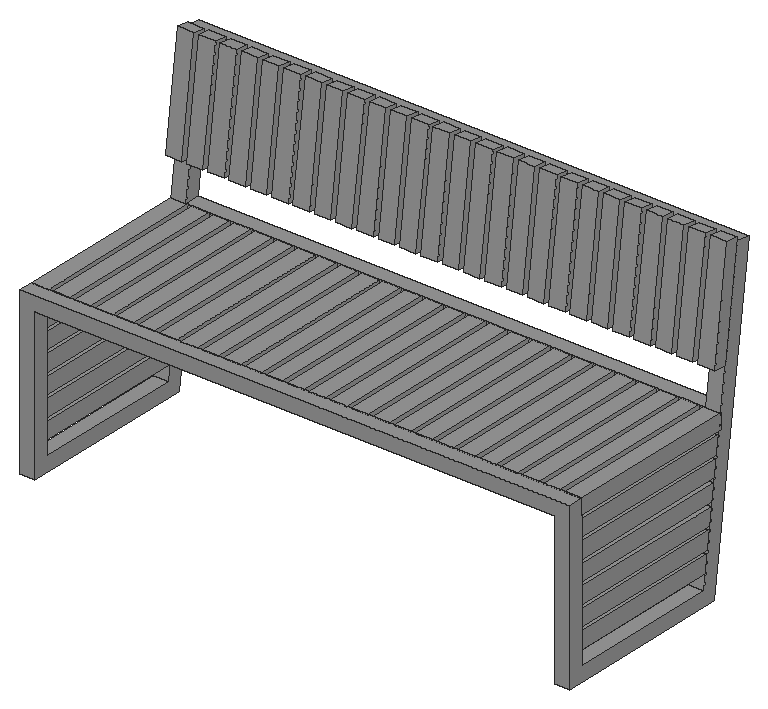
Revit family "Скамейка стальная «Вижен» Арт 15063", category Антураж, Revit 2018
Family settings
  На основе рабочей плоскости = Нет
  Всегда вертикально = Да
  При загрузке вырезать с полостями = Нет
  Источник визуального образа = Геометрия семейства
  Общий = Нет
  Точка расчета площади = Нет
Parameters (values of type "Версия 1,8 м")
  Ширина = 610 mm  # constant formula
  Цвет опор = Сталь
  Цвет лавки = Дерево
  Описание = if([Версия 1,5 м], "Скамейка стальная «Вижен». Версия 1,5 м", "Скамейка стальная «Вижен». Версия 1,8 м")  # "Скамейка стальная «Вижен». Версия 1,5 м"
  Между элементами = if([Версия 1,5 м], 13.2 mm, 13.5 mm)  # 13.2 mm
  Материал изделия = "Сталь, дерево"  # constant formula
  Кол-во элементов = if([Версия 1,5 м], 26, 31)  # 26
  Изображение типоразмера = Скамейка стальная «Вижен» Арт 15063.jpg
  Изготовитель = "ООО «Хоббика»"  # constant formula
  Длина = if([Версия 1,5 м], 1500 mm, 1800 mm)  # 1500 mm
  Группа модели = "Скамейки"  # constant formula
  Высота = 860 mm  # constant formula
  Версия 1,8 м = not([Версия 1,5 м])  # no
  Версия 1,5 м = yes
  Артикул товара = "Арт. 15063"  # constant formula
  URL = "https://hobbyka.ru/product/skameyka_vizhen/"
Types (3): name
  (no name)
  Версия 1,5 м
  Версия 1,8 м
Reference planes
  plane 1 "По центру (Вперед/Назад)": y = 0
  plane 2: z = 0
  plane 3 "По центру (Влево/Вправо)": x = 0
  plane 4: x = 1500
  plane 5: y = 610
  plane 6: z = 860
  plane 7: x = 1460
  plane 8: x = 40
Forms (mm)
  Extrusion 1, solid, material "Сталь" <- "Цвет опор"
    sketch origin (0, 0, 0) x (0, 1, 0) y (0, 0, 1)
      loop
        line (610, 842.239) -> (570.389, 847.806) -> (456.86, 40) -> (40, 40) -> (40, 450) -> (0, 450) -> (0, 0) -> (491.631, 0) -> (610, 842.239)
    from 0 to 40
  Extrusion 2, solid, material "Сталь" <- "Цвет опор"
    sketch origin (0, 0, 0) x (0, 1, 0) y (0, 0, 1)
      loop
        line (610, 842.239) -> (570.389, 847.806) -> (456.86, 40) -> (40, 40) -> (40, 450) -> (0, 450) -> (0, 0) -> (491.631, 0) -> (610, 842.239)
    from 1460 to 1500
  Extrusion 3, solid, material "Сталь" <- "Цвет опор"
    sketch origin (0, 0, 0) x (1, 0, 0) y (0, 0, 1)
      loop
        line (40, 450) -> (40, 410) -> (1460, 410) -> (1460, 450) -> (40, 450)
    from 0 to -40
  Extrusion 4, solid, material "Сталь" <- "Цвет опор"
    sketch origin (0, 0, 0) x (0, 1, 0) y (0, 0, 1)
      loop
        line (610, 842.239) -> (570.389, 847.806) -> (564.822, 808.195) -> (604.433, 802.628) -> (610, 842.239)
      loop
        line (530.725, 565.58) -> (570.336, 560.013) -> (575.903, 599.624) -> (536.292, 605.19) -> (530.725, 565.58)
      loop
        line (514.481, 450) -> (508.86, 410) -> (549.253, 410) -> (554.874, 450) -> (514.481, 450)
    from 40 to 1460
  Extrusion 5, solid, material "Дерево" <- "Цвет лавки"
    sketch origin (0, 570.389, 847.806) x (0, 0.139173, 0.990268) y (-1, 0, 0)
      loop
        line (7.301, -45) -> (7.301, 0) -> (-292.699, 0) -> (-292.699, -45) -> (7.301, -45)
    from 0 to 35
  Extrusion 6, solid, material "Дерево" <- "Цвет лавки"
    sketch origin (58.2, 570.389, 847.806) x (0, 0.139173, 0.990268) y (-1, 0, 0)
      loop
        line (7.301, -45) -> (7.301, 0) -> (-292.699, 0) -> (-292.699, -45) -> (7.301, -45)
    from 0 to 35
  Extrusion 7, solid, material "Дерево" <- "Цвет лавки"
    sketch origin (116.4, 570.389, 847.806) x (0, 0.139173, 0.990268) y (-1, 0, 0)
      loop
        line (7.301, -45) -> (7.301, 0) -> (-292.699, 0) -> (-292.699, -45) -> (7.301, -45)
    from 0 to 35
  Extrusion 8, solid, material "Дерево" <- "Цвет лавки"
    sketch origin (174.6, 570.389, 847.806) x (0, 0.139173, 0.990268) y (-1, 0, 0)
      loop
        line (7.301, -45) -> (7.301, 0) -> (-292.699, 0) -> (-292.699, -45) -> (7.301, -45)
    from 0 to 35
  Extrusion 9, solid, material "Дерево" <- "Цвет лавки"
    sketch origin (232.8, 570.389, 847.806) x (0, 0.139173, 0.990268) y (-1, 0, 0)
      loop
        line (7.301, -45) -> (7.301, 0) -> (-292.699, 0) -> (-292.699, -45) -> (7.301, -45)
    from 0 to 35
  Extrusion 10, solid, material "Дерево" <- "Цвет лавки"
    sketch origin (291, 570.389, 847.806) x (0, 0.139173, 0.990268) y (-1, 0, 0)
      loop
        line (7.301, -45) -> (7.301, 0) -> (-292.699, 0) -> (-292.699, -45) -> (7.301, -45)
    from 0 to 35
  Extrusion 11, solid, material "Дерево" <- "Цвет лавки"
    sketch origin (349.2, 570.389, 847.806) x (0, 0.139173, 0.990268) y (-1, 0, 0)
      loop
        line (7.301, -45) -> (7.301, 0) -> (-292.699, 0) -> (-292.699, -45) -> (7.301, -45)
    from 0 to 35
  Extrusion 12, solid, material "Дерево" <- "Цвет лавки"
    sketch origin (407.4, 570.389, 847.806) x (0, 0.139173, 0.990268) y (-1, 0, 0)
      loop
        line (7.301, -45) -> (7.301, 0) -> (-292.699, 0) -> (-292.699, -45) -> (7.301, -45)
    from 0 to 35
  Extrusion 13, solid, material "Дерево" <- "Цвет лавки"
    sketch origin (465.6, 570.389, 847.806) x (0, 0.139173, 0.990268) y (-1, 0, 0)
      loop
        line (7.301, -45) -> (7.301, 0) -> (-292.699, 0) -> (-292.699, -45) -> (7.301, -45)
    from 0 to 35
  Extrusion 14, solid, material "Дерево" <- "Цвет лавки"
    sketch origin (523.8, 570.389, 847.806) x (0, 0.139173, 0.990268) y (-1, 0, 0)
      loop
        line (7.301, -45) -> (7.301, 0) -> (-292.699, 0) -> (-292.699, -45) -> (7.301, -45)
    from 0 to 35
  Extrusion 15, solid, material "Дерево" <- "Цвет лавки"
    sketch origin (582, 570.389, 847.806) x (0, 0.139173, 0.990268) y (-1, 0, 0)
      loop
        line (7.301, -45) -> (7.301, 0) -> (-292.699, 0) -> (-292.699, -45) -> (7.301, -45)
    from 0 to 35
  Extrusion 16, solid, material "Дерево" <- "Цвет лавки"
    sketch origin (640.2, 570.389, 847.806) x (0, 0.139173, 0.990268) y (-1, 0, 0)
      loop
        line (7.301, -45) -> (7.301, 0) -> (-292.699, 0) -> (-292.699, -45) -> (7.301, -45)
    from 0 to 35
  Extrusion 17, solid, material "Дерево" <- "Цвет лавки"
    sketch origin (698.4, 570.389, 847.806) x (0, 0.139173, 0.990268) y (-1, 0, 0)
      loop
        line (7.301, -45) -> (7.301, 0) -> (-292.699, 0) -> (-292.699, -45) -> (7.301, -45)
    from 0 to 35
  Extrusion 18, solid, material "Дерево" <- "Цвет лавки"
    sketch origin (756.6, 570.389, 847.806) x (0, 0.139173, 0.990268) y (-1, 0, 0)
      loop
        line (7.301, -45) -> (7.301, 0) -> (-292.699, 0) -> (-292.699, -45) -> (7.301, -45)
    from 0 to 35
  Extrusion 19, solid, material "Дерево" <- "Цвет лавки"
    sketch origin (814.8, 570.389, 847.806) x (0, 0.139173, 0.990268) y (-1, 0, 0)
      loop
        line (7.301, -45) -> (7.301, 0) -> (-292.699, 0) -> (-292.699, -45) -> (7.301, -45)
    from 0 to 35
  Extrusion 20, solid, material "Дерево" <- "Цвет лавки"
    sketch origin (873, 570.389, 847.806) x (0, 0.139173, 0.990268) y (-1, 0, 0)
      loop
        line (7.301, -45) -> (7.301, 0) -> (-292.699, 0) -> (-292.699, -45) -> (7.301, -45)
    from 0 to 35
  Extrusion 21, solid, material "Дерево" <- "Цвет лавки"
    sketch origin (931.2, 570.389, 847.806) x (0, 0.139173, 0.990268) y (-1, 0, 0)
      loop
        line (7.301, -45) -> (7.301, 0) -> (-292.699, 0) -> (-292.699, -45) -> (7.301, -45)
    from 0 to 35
  Extrusion 22, solid, material "Дерево" <- "Цвет лавки"
    sketch origin (989.4, 570.389, 847.806) x (0, 0.139173, 0.990268) y (-1, 0, 0)
      loop
        line (7.301, -45) -> (7.301, 0) -> (-292.699, 0) -> (-292.699, -45) -> (7.301, -45)
    from 0 to 35
  Extrusion 23, solid, material "Дерево" <- "Цвет лавки"
    sketch origin (1047.6, 570.389, 847.806) x (0, 0.139173, 0.990268) y (-1, 0, 0)
      loop
        line (7.301, -45) -> (7.301, 0) -> (-292.699, 0) -> (-292.699, -45) -> (7.301, -45)
    from 0 to 35
  Extrusion 24, solid, material "Дерево" <- "Цвет лавки"
    sketch origin (1105.8, 570.389, 847.806) x (0, 0.139173, 0.990268) y (-1, 0, 0)
      loop
        line (7.301, -45) -> (7.301, 0) -> (-292.699, 0) -> (-292.699, -45) -> (7.301, -45)
    from 0 to 35
  Extrusion 25, solid, material "Дерево" <- "Цвет лавки"
    sketch origin (1164, 570.389, 847.806) x (0, 0.139173, 0.990268) y (-1, 0, 0)
      loop
        line (7.301, -45) -> (7.301, 0) -> (-292.699, 0) -> (-292.699, -45) -> (7.301, -45)
    from 0 to 35
  Extrusion 26, solid, material "Дерево" <- "Цвет лавки"
    sketch origin (1222.2, 570.389, 847.806) x (0, 0.139173, 0.990268) y (-1, 0, 0)
      loop
        line (7.301, -45) -> (7.301, 0) -> (-292.699, 0) -> (-292.699, -45) -> (7.301, -45)
    from 0 to 35
  Extrusion 27, solid, material "Дерево" <- "Цвет лавки"
    sketch origin (1280.4, 570.389, 847.806) x (0, 0.139173, 0.990268) y (-1, 0, 0)
      loop
        line (7.301, -45) -> (7.301, 0) -> (-292.699, 0) -> (-292.699, -45) -> (7.301, -45)
    from 0 to 35
  Extrusion 28, solid, material "Дерево" <- "Цвет лавки"
    sketch origin (1338.6, 570.389, 847.806) x (0, 0.139173, 0.990268) y (-1, 0, 0)
      loop
        line (7.301, -45) -> (7.301, 0) -> (-292.699, 0) -> (-292.699, -45) -> (7.301, -45)
    from 0 to 35
  Extrusion 29, solid, material "Дерево" <- "Цвет лавки"
    sketch origin (1396.8, 570.389, 847.806) x (0, 0.139173, 0.990268) y (-1, 0, 0)
      loop
        line (7.301, -45) -> (7.301, 0) -> (-292.699, 0) -> (-292.699, -45) -> (7.301, -45)
    from 0 to 35
  Extrusion 30, solid, material "Дерево" <- "Цвет лавки"
    sketch origin (1455, 570.389, 847.806) x (0, 0.139173, 0.990268) y (-1, 0, 0)
      loop
        line (7.301, -45) -> (7.301, 0) -> (-292.699, 0) -> (-292.699, -45) -> (7.301, -45)
    from 0 to 35
  Extrusion 31, solid, material "Дерево" <- "Цвет лавки"
    sketch origin (0, 0, 0) x (1, 0, 0) y (0, 0, 1)
      loop
        line (0, 400) -> (0, 355) -> (40, 355) -> (40, 400) -> (0, 400)
      loop
        line (0, 345) -> (0, 300) -> (40, 300) -> (40, 345) -> (0, 345)
      loop
        line (0, 290) -> (0, 245) -> (40, 245) -> (40, 290) -> (0, 290)
      loop
        line (0, 235) -> (0, 190) -> (40, 190) -> (40, 235) -> (0, 235)
      loop
        line (0, 180) -> (0, 135) -> (40, 135) -> (40, 180) -> (0, 180)
      loop
        line (0, 125) -> (0, 80) -> (40, 80) -> (40, 125) -> (0, 125)
      loop
        line (1500, 400) -> (1460, 400) -> (1460, 355) -> (1500, 355) -> (1500, 400)
      loop
        line (1500, 345) -> (1460, 345) -> (1460, 300) -> (1500, 300) -> (1500, 345)
      loop
        line (1500, 290) -> (1460, 290) -> (1460, 245) -> (1500, 245) -> (1500, 290)
      loop
        line (1500, 235) -> (1460, 235) -> (1460, 190) -> (1500, 190) -> (1500, 235)
      loop
        line (1500, 180) -> (1460, 180) -> (1460, 135) -> (1500, 135) -> (1500, 180)
      loop
        line (1500, 125) -> (1460, 125) -> (1460, 80) -> (1500, 80) -> (1500, 125)
    from -514.481 to -40
  Extrusion 32, void
    sketch origin (0, 0, 0) x (0, 1, 0) y (0, 0, 1)
      loop
        line (514.481, 450) -> (462.481, 80) -> (526.153, 80) -> (526.153, 450) -> (514.481, 450)
    from 0 to 40
  Extrusion 33, void
    sketch origin (0, 0, 0) x (0, 1, 0) y (0, 0, 1)
      loop
        line (514.481, 450) -> (462.481, 80) -> (526.153, 80) -> (526.153, 450) -> (514.481, 450)
    from 1460 to 1500
  Extrusion 34, solid, material "Дерево" <- "Цвет лавки", not visible
    sketch origin (0, 0, 0) x (0, 1, 0) y (0, 0, 1)
      loop
        line (514.481, 450) -> (40, 450) -> (40, 410) -> (508.86, 410) -> (514.481, 450)
    from 0 to 45
  Extrusion 35, solid, material "Дерево" <- "Цвет лавки"
    sketch origin (0, 0, 0) x (1, 0, 0) y (0, 0, 1)
      loop
        line (45, 450) -> (0, 450) -> (0, 410) -> (45, 410) -> (45, 450)
    from -40 to -514.542
  Extrusion 36, solid, material "Дерево" <- "Цвет лавки"
    sketch origin (58.2, 0, 0) x (1, 0, 0) y (0, 0, 1)
      loop
        line (45, 450) -> (0, 450) -> (0, 410) -> (45, 410) -> (45, 450)
    from -40 to -514.542
  Extrusion 37, solid, material "Дерево" <- "Цвет лавки"
    sketch origin (116.4, 0, 0) x (1, 0, 0) y (0, 0, 1)
      loop
        line (45, 450) -> (0, 450) -> (0, 410) -> (45, 410) -> (45, 450)
    from -40 to -514.542
  Extrusion 38, solid, material "Дерево" <- "Цвет лавки"
    sketch origin (174.6, 0, 0) x (1, 0, 0) y (0, 0, 1)
      loop
        line (45, 450) -> (0, 450) -> (0, 410) -> (45, 410) -> (45, 450)
    from -40 to -514.542
  Extrusion 39, solid, material "Дерево" <- "Цвет лавки"
    sketch origin (232.8, 0, 0) x (1, 0, 0) y (0, 0, 1)
      loop
        line (45, 450) -> (0, 450) -> (0, 410) -> (45, 410) -> (45, 450)
    from -40 to -514.542
  Extrusion 40, solid, material "Дерево" <- "Цвет лавки"
    sketch origin (291, 0, 0) x (1, 0, 0) y (0, 0, 1)
      loop
        line (45, 450) -> (0, 450) -> (0, 410) -> (45, 410) -> (45, 450)
    from -40 to -514.542
  Extrusion 41, solid, material "Дерево" <- "Цвет лавки"
    sketch origin (349.2, 0, 0) x (1, 0, 0) y (0, 0, 1)
      loop
        line (45, 450) -> (0, 450) -> (0, 410) -> (45, 410) -> (45, 450)
    from -40 to -514.542
  Extrusion 42, solid, material "Дерево" <- "Цвет лавки"
    sketch origin (407.4, 0, 0) x (1, 0, 0) y (0, 0, 1)
      loop
        line (45, 450) -> (0, 450) -> (0, 410) -> (45, 410) -> (45, 450)
    from -40 to -514.542
  Extrusion 43, solid, material "Дерево" <- "Цвет лавки"
    sketch origin (465.6, 0, 0) x (1, 0, 0) y (0, 0, 1)
      loop
        line (45, 450) -> (0, 450) -> (0, 410) -> (45, 410) -> (45, 450)
    from -40 to -514.542
  Extrusion 44, solid, material "Дерево" <- "Цвет лавки"
    sketch origin (523.8, 0, 0) x (1, 0, 0) y (0, 0, 1)
      loop
        line (45, 450) -> (0, 450) -> (0, 410) -> (45, 410) -> (45, 450)
    from -40 to -514.542
  Extrusion 45, solid, material "Дерево" <- "Цвет лавки"
    sketch origin (582, 0, 0) x (1, 0, 0) y (0, 0, 1)
      loop
        line (45, 450) -> (0, 450) -> (0, 410) -> (45, 410) -> (45, 450)
    from -40 to -514.542
  Extrusion 46, solid, material "Дерево" <- "Цвет лавки"
    sketch origin (640.2, 0, 0) x (1, 0, 0) y (0, 0, 1)
      loop
        line (45, 450) -> (0, 450) -> (0, 410) -> (45, 410) -> (45, 450)
    from -40 to -514.542
  Extrusion 47, solid, material "Дерево" <- "Цвет лавки"
    sketch origin (698.4, 0, 0) x (1, 0, 0) y (0, 0, 1)
      loop
        line (45, 450) -> (0, 450) -> (0, 410) -> (45, 410) -> (45, 450)
    from -40 to -514.542
  Extrusion 48, solid, material "Дерево" <- "Цвет лавки"
    sketch origin (756.6, 0, 0) x (1, 0, 0) y (0, 0, 1)
      loop
        line (45, 450) -> (0, 450) -> (0, 410) -> (45, 410) -> (45, 450)
    from -40 to -514.542
  Extrusion 49, solid, material "Дерево" <- "Цвет лавки"
    sketch origin (814.8, 0, 0) x (1, 0, 0) y (0, 0, 1)
      loop
        line (45, 450) -> (0, 450) -> (0, 410) -> (45, 410) -> (45, 450)
    from -40 to -514.542
  Extrusion 50, solid, material "Дерево" <- "Цвет лавки"
    sketch origin (873, 0, 0) x (1, 0, 0) y (0, 0, 1)
      loop
        line (45, 450) -> (0, 450) -> (0, 410) -> (45, 410) -> (45, 450)
    from -40 to -514.542
  Extrusion 51, solid, material "Дерево" <- "Цвет лавки"
    sketch origin (931.2, 0, 0) x (1, 0, 0) y (0, 0, 1)
      loop
        line (45, 450) -> (0, 450) -> (0, 410) -> (45, 410) -> (45, 450)
    from -40 to -514.542
  Extrusion 52, solid, material "Дерево" <- "Цвет лавки"
    sketch origin (989.4, 0, 0) x (1, 0, 0) y (0, 0, 1)
      loop
        line (45, 450) -> (0, 450) -> (0, 410) -> (45, 410) -> (45, 450)
    from -40 to -514.542
  Extrusion 53, solid, material "Дерево" <- "Цвет лавки"
    sketch origin (1047.6, 0, 0) x (1, 0, 0) y (0, 0, 1)
      loop
        line (45, 450) -> (0, 450) -> (0, 410) -> (45, 410) -> (45, 450)
    from -40 to -514.542
  Extrusion 54, solid, material "Дерево" <- "Цвет лавки"
    sketch origin (1105.8, 0, 0) x (1, 0, 0) y (0, 0, 1)
      loop
        line (45, 450) -> (0, 450) -> (0, 410) -> (45, 410) -> (45, 450)
    from -40 to -514.542
  Extrusion 55, solid, material "Дерево" <- "Цвет лавки"
    sketch origin (1164, 0, 0) x (1, 0, 0) y (0, 0, 1)
      loop
        line (45, 450) -> (0, 450) -> (0, 410) -> (45, 410) -> (45, 450)
    from -40 to -514.542
  Extrusion 56, solid, material "Дерево" <- "Цвет лавки"
    sketch origin (1222.2, 0, 0) x (1, 0, 0) y (0, 0, 1)
      loop
        line (45, 450) -> (0, 450) -> (0, 410) -> (45, 410) -> (45, 450)
    from -40 to -514.542
  Extrusion 57, solid, material "Дерево" <- "Цвет лавки"
    sketch origin (1280.4, 0, 0) x (1, 0, 0) y (0, 0, 1)
      loop
        line (45, 450) -> (0, 450) -> (0, 410) -> (45, 410) -> (45, 450)
    from -40 to -514.542
  Extrusion 58, solid, material "Дерево" <- "Цвет лавки"
    sketch origin (1338.6, 0, 0) x (1, 0, 0) y (0, 0, 1)
      loop
        line (45, 450) -> (0, 450) -> (0, 410) -> (45, 410) -> (45, 450)
    from -40 to -514.542
  Extrusion 59, solid, material "Дерево" <- "Цвет лавки"
    sketch origin (1396.8, 0, 0) x (1, 0, 0) y (0, 0, 1)
      loop
        line (45, 450) -> (0, 450) -> (0, 410) -> (45, 410) -> (45, 450)
    from -40 to -514.542
  Extrusion 60, solid, material "Дерево" <- "Цвет лавки"
    sketch origin (1455, 0, 0) x (1, 0, 0) y (0, 0, 1)
      loop
        line (45, 450) -> (0, 450) -> (0, 410) -> (45, 410) -> (45, 450)
    from -40 to -514.542
Cuts and joins
  Extrusion 33 cuts Extrusion 1
  Extrusion 32 cuts Extrusion 2
  Extrusion 32, Extrusion 33 cuts Extrusion 3
  Extrusion 32, Extrusion 33 cuts Extrusion 4
  joined: Extrusion 1, Extrusion 2, Extrusion 3, Extrusion 4
  Extrusion 32, Extrusion 33 cuts Extrusion 31
  Extrusion 32 cuts Extrusion 35
Lines and regions (mm)
  symbolic lines
    curve 1: line (0, 534.758, 852.814) -> (0, 539.629, 887.473)
    curve 2: line (0, 535.774, 860.044) -> (0, 605.345, 850.267)
Dimensions and locks
  "Длина": plane 3 "По центру (Влево/Вправо)" to plane 4
  "Ширина": plane 5 to plane 1 "По центру (Вперед/Назад)"
  "Высота": plane 6 to plane 2
  locked: plane 3 "По центру (Влево/Вправо)" to plane 8 at 40
  locked: plane 7 to plane 4 at 40
  equal spacing: group 1, group 2, group 3, group 4, group 5, group 6, group 7, group 8, group 9, group 10, group 11, group 12, group 13, group 14, group 15, group 16, group 17, group 18, group 19, group 20, group 21, group 22, group 23, group 24, group 25, group 26  (x3)
  "Между элементами": Extrusion 5 to Extrusion 6
  equal spacing: group 28, group 29, group 30, group 31, group 32, group 33, group 34, group 35, group 36, group 37, group 38, group 39, group 40, group 41, group 42, group 43, group 44, group 45, group 46, group 47, group 48, group 49, group 50, group 51, group 52, group 53  (x3)
  "Между элементами": cut or joined group of Extrusion 32, Extrusion 35 to Extrusion 36
  aligned and locked: level to plane 2
  aligned and locked: plane 4 to Extrusion 2
  aligned and locked: Extrusion 2 to plane 7
  aligned and locked: Extrusion 1 to Extrusion 3 sketch curve
  aligned and locked: Extrusion 3 sketch curve to plane 7
  aligned and locked: Extrusion 4 to Extrusion 1
  aligned and locked: plane 7 to Extrusion 4
  aligned and locked: Extrusion 1 to Extrusion 32
  aligned and locked: plane 4 to Extrusion 33
  aligned and locked: Extrusion 33 to plane 7
Automatic sketch dimensions
  Extrusion 5 sketch curve to Extrusion 5 sketch curve = 300 mm
  Extrusion 5 sketch curve to Extrusion 5 sketch curve = 45 mm
  Extrusion 6 sketch curve to Extrusion 6 sketch curve = 300 mm
  Extrusion 6 sketch curve to Extrusion 6 sketch curve = 45 mm
  Extrusion 7 sketch curve to Extrusion 7 sketch curve = 300 mm
  Extrusion 7 sketch curve to Extrusion 7 sketch curve = 45 mm
  Extrusion 8 sketch curve to Extrusion 8 sketch curve = 300 mm
  Extrusion 8 sketch curve to Extrusion 8 sketch curve = 45 mm
  Extrusion 9 sketch curve to Extrusion 9 sketch curve = 300 mm
  Extrusion 9 sketch curve to Extrusion 9 sketch curve = 45 mm
  Extrusion 10 sketch curve to Extrusion 10 sketch curve = 300 mm
  Extrusion 10 sketch curve to Extrusion 10 sketch curve = 45 mm
  Extrusion 11 sketch curve to Extrusion 11 sketch curve = 300 mm
  Extrusion 11 sketch curve to Extrusion 11 sketch curve = 45 mm
  Extrusion 12 sketch curve to Extrusion 12 sketch curve = 300 mm
  Extrusion 12 sketch curve to Extrusion 12 sketch curve = 45 mm
  Extrusion 13 sketch curve to Extrusion 13 sketch curve = 300 mm
  Extrusion 13 sketch curve to Extrusion 13 sketch curve = 45 mm
  Extrusion 14 sketch curve to Extrusion 14 sketch curve = 300 mm
  Extrusion 14 sketch curve to Extrusion 14 sketch curve = 45 mm
  Extrusion 15 sketch curve to Extrusion 15 sketch curve = 300 mm
  Extrusion 15 sketch curve to Extrusion 15 sketch curve = 45 mm
  Extrusion 16 sketch curve to Extrusion 16 sketch curve = 300 mm
  Extrusion 16 sketch curve to Extrusion 16 sketch curve = 45 mm
  Extrusion 17 sketch curve to Extrusion 17 sketch curve = 300 mm
  Extrusion 17 sketch curve to Extrusion 17 sketch curve = 45 mm
  Extrusion 18 sketch curve to Extrusion 18 sketch curve = 300 mm
  Extrusion 18 sketch curve to Extrusion 18 sketch curve = 45 mm
  Extrusion 19 sketch curve to Extrusion 19 sketch curve = 300 mm
  Extrusion 19 sketch curve to Extrusion 19 sketch curve = 45 mm
  Extrusion 20 sketch curve to Extrusion 20 sketch curve = 300 mm
  Extrusion 20 sketch curve to Extrusion 20 sketch curve = 45 mm
  Extrusion 21 sketch curve to Extrusion 21 sketch curve = 300 mm
  Extrusion 21 sketch curve to Extrusion 21 sketch curve = 45 mm
  Extrusion 22 sketch curve to Extrusion 22 sketch curve = 300 mm
  Extrusion 22 sketch curve to Extrusion 22 sketch curve = 45 mm
  Extrusion 23 sketch curve to Extrusion 23 sketch curve = 300 mm
  Extrusion 23 sketch curve to Extrusion 23 sketch curve = 45 mm
  Extrusion 24 sketch curve to Extrusion 24 sketch curve = 300 mm
  Extrusion 24 sketch curve to Extrusion 24 sketch curve = 45 mm
  Extrusion 25 sketch curve to Extrusion 25 sketch curve = 300 mm
  Extrusion 25 sketch curve to Extrusion 25 sketch curve = 45 mm
  Extrusion 26 sketch curve to Extrusion 26 sketch curve = 300 mm
  Extrusion 26 sketch curve to Extrusion 26 sketch curve = 45 mm
  Extrusion 27 sketch curve to Extrusion 27 sketch curve = 300 mm
  Extrusion 27 sketch curve to Extrusion 27 sketch curve = 45 mm
  Extrusion 28 sketch curve to Extrusion 28 sketch curve = 300 mm
  Extrusion 28 sketch curve to Extrusion 28 sketch curve = 45 mm
  Extrusion 29 sketch curve to Extrusion 29 sketch curve = 300 mm
  Extrusion 29 sketch curve to Extrusion 29 sketch curve = 45 mm
  Extrusion 30 sketch curve to Extrusion 30 sketch curve = 300 mm
  Extrusion 30 sketch curve to Extrusion 30 sketch curve = 45 mm
  curve 1 to plane 6 = 7.186 mm
  curve 1 to plane 5 = 75.242 mm
  plane 6 to curve 2 = 0.044 mm
  curve 1 to curve 2 = 1.016 mm
  plane 6 to curve 1 = 27.473 mm
  curve 2 to plane 5 = 4.655 mm
  Extrusion 1 sketch curve to plane 1 "По центру (Вперед/Назад)" = 0 mm
  Extrusion 1 sketch curve to level = 0 mm
  Extrusion 1 sketch curve to plane 5 = 0 mm
  Extrusion 1 sketch curve to plane 1 "По центру (Вперед/Назад)" = 40 mm
  level to Extrusion 1 sketch curve = 40 mm
  Extrusion 1 sketch curve to plane 5 = 153.14 mm
  Extrusion 1 sketch curve to Extrusion 1 sketch curve = 34.771 mm
  Extrusion 1 sketch curve to plane 6 = 12.194 mm
  Extrusion 1 sketch curve to plane 6 = 410 mm
  Extrusion 2 sketch curve to plane 1 "По центру (Вперед/Назад)" = 0 mm
  Extrusion 2 sketch curve to level = 0 mm
  Extrusion 2 sketch curve to plane 5 = 0 mm
  Extrusion 2 sketch curve to plane 1 "По центру (Вперед/Назад)" = 40 mm
  level to Extrusion 2 sketch curve = 40 mm
  Extrusion 2 sketch curve to plane 5 = 153.14 mm
  Extrusion 2 sketch curve to Extrusion 2 sketch curve = 34.771 mm
  Extrusion 2 sketch curve to plane 6 = 12.194 mm
  Extrusion 2 sketch curve to plane 6 = 410 mm
  level to Extrusion 3 sketch curve = 410 mm
  Extrusion 3 sketch curve to Extrusion 3 sketch curve = 40 mm
  Extrusion 31 sketch curve to plane 3 "По центру (Влево/Вправо)" = 0 mm  (x6)
  Extrusion 31 sketch curve to plane 8 = 0 mm  (x6)
  Extrusion 31 sketch curve to plane 7 = 0 mm  (x6)
  Extrusion 31 sketch curve to plane 4 = 0 mm  (x6)
  Extrusion 31 sketch curve to Extrusion 31 sketch curve = 45 mm  (x12)
  Extrusion 31 sketch curve to Extrusion 31 sketch curve = 10 mm  (x10)
  Extrusion 32 sketch curve to plane 5 = 147.519 mm
  Extrusion 32 sketch curve to plane 5 = 95.519 mm
  Extrusion 32 sketch curve to Extrusion 32 sketch curve = 63.672 mm
  level to Extrusion 32 sketch curve = 80 mm
  Extrusion 32 sketch curve to Extrusion 32 sketch curve = 370 mm
  Extrusion 33 sketch curve to plane 5 = 147.519 mm
  Extrusion 33 sketch curve to plane 5 = 95.519 mm
  Extrusion 33 sketch curve to Extrusion 33 sketch curve = 63.672 mm
  level to Extrusion 33 sketch curve = 80 mm
  Extrusion 33 sketch curve to Extrusion 33 sketch curve = 370 mm
  Extrusion 4 sketch curve to plane 5 = 0 mm
  Extrusion 4 sketch curve to plane 5 = 5.567 mm
  Extrusion 4 sketch curve to plane 5 = 34.097 mm
  Extrusion 4 sketch curve to plane 6 = 12.194 mm
  Extrusion 4 sketch curve to plane 5 = 39.611 mm
  Extrusion 4 sketch curve to plane 5 = 39.664 mm
  Extrusion 4 sketch curve to plane 5 = 55.126 mm
  Extrusion 4 sketch curve to Extrusion 4 sketch curve = 5.622 mm  (x2)
  Extrusion 4 sketch curve to Extrusion 4 sketch curve = 39.611 mm
  Extrusion 4 sketch curve to Extrusion 4 sketch curve = 40.393 mm
  Extrusion 4 sketch curve to Extrusion 4 sketch curve = 5.567 mm  (x2)
  Extrusion 4 sketch curve to Extrusion 4 sketch curve = 203.005 mm
  Extrusion 4 sketch curve to Extrusion 4 sketch curve = 115.58 mm
  Extrusion 4 sketch curve to Extrusion 4 sketch curve = 40 mm
  level to Extrusion 31 sketch curve = 80 mm  (x2)
  Extrusion 34 sketch curve to Extrusion 34 sketch curve = 40 mm
  Extrusion 34 sketch curve to Extrusion 34 sketch curve = 468.86 mm
  Extrusion 34 sketch curve to Extrusion 34 sketch curve = 5.622 mm
  Extrusion 35 sketch curve to Extrusion 35 sketch curve = 45 mm
  Extrusion 35 sketch curve to Extrusion 35 sketch curve = 40 mm
  Extrusion 36 sketch curve to Extrusion 36 sketch curve = 45 mm
  Extrusion 36 sketch curve to Extrusion 36 sketch curve = 40 mm
  Extrusion 37 sketch curve to Extrusion 37 sketch curve = 45 mm
  Extrusion 37 sketch curve to Extrusion 37 sketch curve = 40 mm
  Extrusion 38 sketch curve to Extrusion 38 sketch curve = 45 mm
  Extrusion 38 sketch curve to Extrusion 38 sketch curve = 40 mm
  Extrusion 39 sketch curve to Extrusion 39 sketch curve = 45 mm
  Extrusion 39 sketch curve to Extrusion 39 sketch curve = 40 mm
  Extrusion 40 sketch curve to Extrusion 40 sketch curve = 45 mm
  Extrusion 40 sketch curve to Extrusion 40 sketch curve = 40 mm
  Extrusion 41 sketch curve to Extrusion 41 sketch curve = 45 mm
  Extrusion 41 sketch curve to Extrusion 41 sketch curve = 40 mm
  Extrusion 42 sketch curve to Extrusion 42 sketch curve = 45 mm
  Extrusion 42 sketch curve to Extrusion 42 sketch curve = 40 mm
  Extrusion 43 sketch curve to Extrusion 43 sketch curve = 45 mm
  Extrusion 43 sketch curve to Extrusion 43 sketch curve = 40 mm
  Extrusion 44 sketch curve to Extrusion 44 sketch curve = 45 mm
  Extrusion 44 sketch curve to Extrusion 44 sketch curve = 40 mm
  Extrusion 45 sketch curve to Extrusion 45 sketch curve = 45 mm
  Extrusion 45 sketch curve to Extrusion 45 sketch curve = 40 mm
  Extrusion 46 sketch curve to Extrusion 46 sketch curve = 45 mm
  Extrusion 46 sketch curve to Extrusion 46 sketch curve = 40 mm
  Extrusion 47 sketch curve to Extrusion 47 sketch curve = 45 mm
  Extrusion 47 sketch curve to Extrusion 47 sketch curve = 40 mm
  Extrusion 48 sketch curve to Extrusion 48 sketch curve = 45 mm
  Extrusion 48 sketch curve to Extrusion 48 sketch curve = 40 mm
  Extrusion 49 sketch curve to Extrusion 49 sketch curve = 45 mm
  Extrusion 49 sketch curve to Extrusion 49 sketch curve = 40 mm
  Extrusion 50 sketch curve to Extrusion 50 sketch curve = 45 mm
  Extrusion 50 sketch curve to Extrusion 50 sketch curve = 40 mm
  Extrusion 51 sketch curve to Extrusion 51 sketch curve = 45 mm
  Extrusion 51 sketch curve to Extrusion 51 sketch curve = 40 mm
  Extrusion 52 sketch curve to Extrusion 52 sketch curve = 45 mm
  Extrusion 52 sketch curve to Extrusion 52 sketch curve = 40 mm
  Extrusion 53 sketch curve to Extrusion 53 sketch curve = 45 mm
  Extrusion 53 sketch curve to Extrusion 53 sketch curve = 40 mm
  Extrusion 54 sketch curve to Extrusion 54 sketch curve = 45 mm
  Extrusion 54 sketch curve to Extrusion 54 sketch curve = 40 mm
  Extrusion 55 sketch curve to Extrusion 55 sketch curve = 45 mm
  Extrusion 55 sketch curve to Extrusion 55 sketch curve = 40 mm
  Extrusion 56 sketch curve to Extrusion 56 sketch curve = 45 mm
  Extrusion 56 sketch curve to Extrusion 56 sketch curve = 40 mm
  Extrusion 57 sketch curve to Extrusion 57 sketch curve = 45 mm
  Extrusion 57 sketch curve to Extrusion 57 sketch curve = 40 mm
  Extrusion 58 sketch curve to Extrusion 58 sketch curve = 45 mm
  Extrusion 58 sketch curve to Extrusion 58 sketch curve = 40 mm
  Extrusion 59 sketch curve to Extrusion 59 sketch curve = 45 mm
  Extrusion 59 sketch curve to Extrusion 59 sketch curve = 40 mm
  Extrusion 60 sketch curve to Extrusion 60 sketch curve = 45 mm
  Extrusion 60 sketch curve to Extrusion 60 sketch curve = 40 mm
